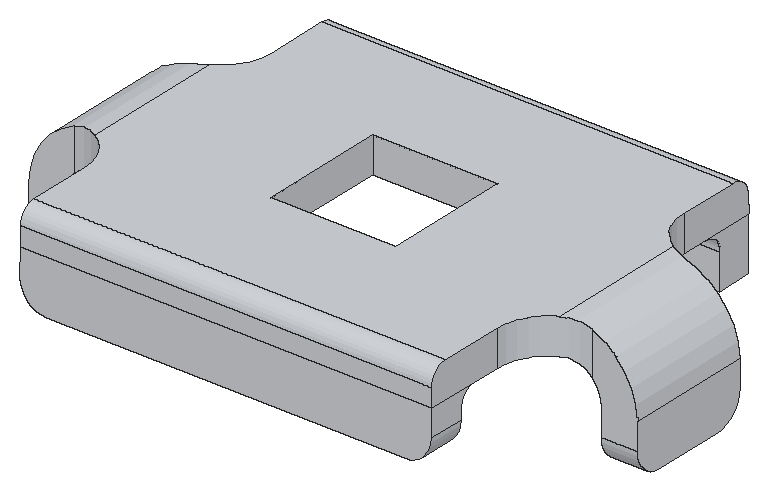
Revit family "klemmstück", category Generic Models, Revit 2017
Family settings
  Can host rebar = No
  Round Connector Dimension = Use Diameter
  Part Type = Normal
  Work Plane-Based = No
  Always vertical = Yes
  Cut with Voids When Loaded = No
  Shared = No
  Room Calculation Point = No
Parameters (values of type "GKS 34 G")
  URL = "http://www.obo-bettermann.com"
  Material = Electro-galvanised
  Manufacturer Art.No. = "6016855"
  Manufacturer = "OBO BETTERMANN"
  GTIN = "4012197261436"
  Article Type = "GKS 34 G"
Types (7, lengths in mm): name | Material | Manufacturer Art.No. | GTIN | Article Type
  (no name) | Electro-galvanised | "6016855" | "4012197261436" | "GKS 34 G"
  GKS 34 G | Electro-galvanised | "6016855" | "4012197261436" | "GKS 34 G"
  GKS 34 FS SP | Strip-galvanised | "6016857" | "4012196120314" | "GKS 34 FS SP"
  GKS 34 FT | Hot-dip galvanised | "6016820" | "4012196013395" | "GKS 34 FT"
  GKS 34 A2 | Stainless steel, A2 | "6016839" | "4012196013456" | "GKS 34 A2"
  GKS 34 A4 | Stainless steel, A4 | "6016859" | "4012196120437" | "GKS 34 A4"
  GKS 34 FTK LGR | Steel | "6479367" | "4012196332533" | "GKS 34 FTK LGR"
Reference planes
  plane 1 "Center (Front/Back)": y = 0
  plane 2: z = 0
  plane 3 "Center (Left/Right)": x = 0
  plane 4: y = 14.628
  plane 5: y = 7.5
  plane 6: y = 11
  plane 7: x = 11.5
  plane 8: x = -11.5
  plane 9: x = -3.5
  plane 10: x = 3.5
Forms (mm)
  Extrusion 1, solid
    sketch origin (0, 0, 0) x (1, 0, 0) y (0, 0, 1)
      loop
        line (-15, -7.049) -> (-15, -4.011)
        arc (-15, -4.011) -> (-14.411, -2.589) -> (-12.989, -2) r 2.011
        line (-12.989, -2) -> (12.968, -2)
        arc (12.968, -2) -> (14.405, -2.595) -> (15, -4.032) r 2.032
        line (15, -4.032) -> (15, -7.049) -> (17, -7.049) -> (17, -4.032)
        arc (17, -4.032) -> (15.819, -1.181) -> (12.968, 0) r 4.032
        line (12.968, 0) -> (-12.989, 0)
        arc (-12.989, 0) -> (-15.825, -1.175) -> (-17, -4.011) r 4.011
        line (-17, -4.011) -> (-17, -7.049) -> (-15, -7.049)
    from -22.128 to 0
  Extrusion 2, void
    sketch origin (0, 0, 0) x (1, 0, 0) y (0, 1, 0)
      loop
        line (11.5, 22.128) -> (11.5, 17.628)
        arc (11.5, 17.628) -> (12.379, 15.507) -> (14.5, 14.628) r 3
        line (14.5, 14.628) -> (17, 14.628) -> (17, 22.128) -> (11.5, 22.128)
      loop
        line (-11.5, 22.128) -> (-17, 22.128) -> (-17, 14.628) -> (-14.5, 14.628)
        arc (-14.5, 14.628) -> (-12.379, 15.507) -> (-11.5, 17.628) r 3
        line (-11.5, 17.628) -> (-11.5, 22.128)
      loop
        line (-17, 7.5) -> (-17, 0) -> (-11.5, 0) -> (-11.5, 4.5)
        arc (-11.5, 4.5) -> (-12.379, 6.621) -> (-14.5, 7.5) r 3
        line (-14.5, 7.5) -> (-17, 7.5)
      loop
        line (17, 7.5) -> (14.472, 7.5)
        arc (14.472, 7.5) -> (12.37, 6.63) -> (11.5, 4.528) r 2.972
        line (11.5, 4.528) -> (11.5, 0) -> (17, 0) -> (17, 7.5)
    from -7.049 to 0
  Extrusion 3, solid
    sketch origin (0, 0, 0) x (0, 1, 0) y (0, 0, 1)
      loop
        line (22.128, -2) -> (19.135, -2)
        arc (19.135, -2) -> (19.842, -2.293) -> (20.135, -3) r 1
        line (20.135, -3) -> (20.135, -4.993) -> (22.128, -4.993) -> (22.128, -2)
      loop
        line (0, -2) -> (0, -5.022) -> (2.012, -5.022) -> (2.012, -3)
        arc (2.012, -3) -> (2.305, -2.293) -> (3.012, -2) r 1
        line (3.012, -2) -> (0, -2)
    from -11.5 to 11.5
  Extrusion 4, void
    sketch origin (0, 0, 0) x (1, 0, 0) y (0, 1, 0)
      loop
        line (-3.5, 14.628) -> (-3.5, 7.5) -> (3.5, 7.5) -> (3.5, 14.628) -> (-3.5, 14.628)
    from -2 to 0
  Extrusion 5, void
    sketch origin (0, 0, 0) x (0, 1, 0) y (0, 0, 1)
      loop
        line (0.967, 0) -> (0, 0) -> (0, -0.967)
        arc (0, -0.967) -> (0.283, -0.283) -> (0.967, 0) r 0.967
    from -11.5 to 11.5
  Extrusion 6, void
    sketch origin (0, 0, 0) x (0, 1, 0) y (0, 0, 1)
      loop
        line (22.128, -0.953) -> (22.128, 0) -> (21.082, 0)
        arc (21.082, 0) -> (21.822, -0.307) -> (22.128, -1.047) r 1.047
    from -11.5 to 11.5
  Extrusion 7, void
    sketch origin (0, 0, 0) x (1, 0, 0) y (0, 0, 1)
      loop
        line (-11.5, -3.522) -> (-11.5, -5.022) -> (-10, -5.022)
        arc (-10, -5.022) -> (-11.061, -4.583) -> (-11.5, -3.522) r 1.5
    from -2.012 to 0
  Extrusion 8, void
    sketch origin (0, 0, 0) x (1, 0, 0) y (0, 0, 1)
      loop
        line (9.984, -5.022) -> (11.5, -5.022) -> (11.5, -3.506)
        arc (11.5, -3.506) -> (11.056, -4.578) -> (9.984, -5.022) r 1.516
    from -2.012 to 0
  Extrusion 9, void
    sketch origin (0, 0, 0) x (1, 0, 0) y (0, 0, 1)
      loop
        arc (11.5, -3.495) -> (11.059, -4.56) -> (9.994, -5.001) r 1.506
        line (9.994, -5.001) -> (11.5, -4.998) -> (11.5, -3.495)
    from -20.135 to -22.128
  Extrusion 10, void
    sketch origin (0, 0, 0) x (1, 0, 0) y (0, 0, 1)
      loop
        line (-10.144, -5.019) -> (-11.5, -5.019) -> (-11.5, -3.566)
        arc (-11.5, -3.566) -> (-11.074, -4.596) -> (-10.044, -5.022) r 1.456
    from -20.135 to -22.128
  Extrusion 11, void
    sketch origin (0, 0, 0) x (0, 1, 0) y (0, 0, 1)
      loop
        arc (9.018, -7.049) -> (7.945, -6.605) -> (7.5, -5.531) r 1.518
        line (7.5, -5.531) -> (7.5, -7.049) -> (9.018, -7.049)
    from 0 to 250
  Extrusion 12, void
    sketch origin (0, 0, 0) x (0, 1, 0) y (0, 0, 1)
      loop
        arc (14.628, -5.534) -> (14.184, -6.605) -> (13.113, -7.049) r 1.515
        line (13.113, -7.049) -> (14.628, -7.049) -> (14.628, -5.534)
    from 0 to 250
  Extrusion 13, void
    sketch origin (0, 0, 0) x (0, 1, 0) y (0, 0, 1)
      loop
        line (13.062, -7.049) -> (14.628, -7.049) -> (14.628, -5.526)
        arc (14.628, -5.526) -> (14.184, -6.598) -> (13.112, -7.042) r 1.516
    from -15 to -17
  Extrusion 14, void
    sketch origin (0, 0, 0) x (0, 1, 0) y (0, 0, 1)
      loop
        line (7.5, -5.544) -> (7.5, -7.049) -> (9.005, -7.049)
        arc (9.005, -7.049) -> (7.941, -6.608) -> (7.5, -5.544) r 1.505
    from -17 to -15
Cuts and joins
  Extrusion 2, Extrusion 4, Extrusion 5, Extrusion 6, Extrusion 11, Extrusion 12 cuts Extrusion 1
  Extrusion 7, Extrusion 8 cuts Extrusion 3
Dimensions and locks
  locked: Extrusion 1 sketch curve to Extrusion 1 sketch curve at 2  (x3)
  locked: Extrusion 1 sketch curve to Extrusion 1 sketch curve at 7.049  (x2)
  locked: Extrusion 1 sketch curve to Extrusion 1 sketch curve at 30
  locked: Extrusion 1 to Extrusion 1 at 22.128
  locked: Extrusion 1 to plane 6 at 11
  locked: Extrusion 1 to plane 5 at 7.5
  locked: Extrusion 1 to plane 4 at 7.5
  locked: plane 4 to plane 5 at 7.128
  locked: plane 7 to Extrusion 1 at 5.5
  locked: Extrusion 1 to plane 8 at 5.5
  locked: Extrusion 3 sketch curve to cut or joined group of Extrusion 1, Extrusion 2, Extrusion 4, Extrusion 5, Extrusion 6, Extrusion 11, Extrusion 12 at 3.022
  locked: cut or joined group of Extrusion 1, Extrusion 2, Extrusion 4, Extrusion 5, Extrusion 6, Extrusion 11, Extrusion 12 to Extrusion 3 sketch curve at 2.993
  locked: Extrusion 3 sketch curve to Extrusion 3 sketch curve at 2.012
  locked: Extrusion 3 sketch curve to Extrusion 3 sketch curve at 1.994
  locked: Extrusion 3 sketch curve to Extrusion 3 sketch curve at 3.012
  locked: Extrusion 3 sketch curve to Extrusion 3 sketch curve at 2.994
  locked: cut or joined group of Extrusion 1, Extrusion 2, Extrusion 4, Extrusion 5, Extrusion 6, Extrusion 11, Extrusion 12 to Extrusion 3 sketch curve at 5.506
  locked: Extrusion 3 sketch curve to cut or joined group of Extrusion 1, Extrusion 2, Extrusion 4, Extrusion 5, Extrusion 6, Extrusion 11, Extrusion 12 at 5.488
  locked: plane 9 to plane 3 "Center (Left/Right)" at 3.5
  locked: plane 3 "Center (Left/Right)" to plane 10 at 3.5
  locked: Extrusion 4 sketch curve to Extrusion 4 sketch curve at 7.128
  locked: Extrusion 4 sketch curve to Extrusion 4 sketch curve at 7
  locked: Extrusion 4 sketch curve to cut or joined group of Extrusion 1, Extrusion 2, Extrusion 4, Extrusion 5, Extrusion 6, Extrusion 11, Extrusion 12 at 7.5
  locked: Extrusion 4 sketch curve to cut or joined group of Extrusion 1, Extrusion 2, Extrusion 4, Extrusion 5, Extrusion 6, Extrusion 11, Extrusion 12 at 8
  cut or joined group of Extrusion 1, Extrusion 2, Extrusion 4, Extrusion 5, Extrusion 6, Extrusion 11, Extrusion 12 to Extrusion 3 = 2 mm
  locked: cut or joined group of Extrusion 1, Extrusion 2, Extrusion 4, Extrusion 5, Extrusion 6, Extrusion 11, Extrusion 12 to Extrusion 3 at 2
  locked: cut or joined group of Extrusion 1, Extrusion 2, Extrusion 4, Extrusion 5, Extrusion 6, Extrusion 11, Extrusion 12 to cut or joined group of Extrusion 1, Extrusion 2, Extrusion 4, Extrusion 5, Extrusion 6, Extrusion 11, Extrusion 12 at 7.5
  locked: Extrusion 6 sketch curve to Extrusion 6 sketch curve at 1.48
  locked: Extrusion 9 sketch curve to Extrusion 9 sketch curve at 2.112
  aligned and locked: level to plane 2
  aligned and locked: Extrusion 1 sketch curve to level
  aligned and locked: level to Extrusion 1
  aligned and locked: plane 1 "Center (Front/Back)" to Extrusion 1
  aligned and locked: Extrusion 2 to Extrusion 1  (x4)
  aligned and locked: Extrusion 1 to Extrusion 2  (x3)
  aligned and locked: plane 1 "Center (Front/Back)" to Extrusion 2  (x2)
  aligned and locked: plane 8 to Extrusion 2  (x2)
  aligned and locked: plane 5 to Extrusion 2  (x2)
  aligned and locked: Extrusion 2 to plane 4  (x2)
  aligned and locked: Extrusion 2 to plane 7  (x2)
  aligned and locked: level to Extrusion 2
  aligned and locked: Extrusion 3 sketch curve to Extrusion 3 sketch curve
  aligned and locked: Extrusion 3 sketch curve to cut or joined group of Extrusion 1, Extrusion 2, Extrusion 4, Extrusion 5, Extrusion 6, Extrusion 11, Extrusion 12
  aligned and locked: plane 7 to Extrusion 3
  aligned and locked: Extrusion 3 to plane 8
  aligned and locked: Extrusion 1 to Extrusion 4  (x2)
  aligned and locked: Extrusion 5 to Extrusion 2  (x2)
  aligned and locked: Extrusion 6 to Extrusion 2  (x2)
  aligned and locked: Extrusion 3 to Extrusion 7
  aligned and locked: Extrusion 7 to cut or joined group of Extrusion 1, Extrusion 2, Extrusion 4, Extrusion 5, Extrusion 6, Extrusion 11, Extrusion 12
  aligned and locked: Extrusion 8 to Extrusion 3
  aligned and locked: cut or joined group of Extrusion 1, Extrusion 2, Extrusion 4, Extrusion 5, Extrusion 6, Extrusion 11, Extrusion 12 to Extrusion 8
  aligned and locked: cut or joined group of Extrusion 3, Extrusion 7, Extrusion 8 to Extrusion 9
  aligned and locked: Extrusion 9 to cut or joined group of Extrusion 1, Extrusion 2, Extrusion 4, Extrusion 5, Extrusion 6, Extrusion 11, Extrusion 12  (x2)
  aligned and locked: cut or joined group of Extrusion 3, Extrusion 7, Extrusion 8 to Extrusion 10
  aligned and locked: Extrusion 10 to cut or joined group of Extrusion 1, Extrusion 2, Extrusion 4, Extrusion 5, Extrusion 6, Extrusion 11, Extrusion 12
  aligned and locked: Extrusion 11 sketch curve to plane 5
  aligned and locked: Extrusion 12 sketch curve to cut or joined group of Extrusion 1, Extrusion 2, Extrusion 4, Extrusion 5, Extrusion 6, Extrusion 11, Extrusion 12
  aligned and locked: Extrusion 12 sketch curve to plane 4
  aligned and locked: Extrusion 13 sketch curve to cut or joined group of Extrusion 1, Extrusion 2, Extrusion 4, Extrusion 5, Extrusion 6, Extrusion 11, Extrusion 12
  aligned and locked: Extrusion 13 sketch curve to plane 4
  aligned and locked: Extrusion 13 to cut or joined group of Extrusion 1, Extrusion 2, Extrusion 4, Extrusion 5, Extrusion 6, Extrusion 11, Extrusion 12
  aligned and locked: cut or joined group of Extrusion 1, Extrusion 2, Extrusion 4, Extrusion 5, Extrusion 6, Extrusion 11, Extrusion 12 to Extrusion 13
  aligned and locked: Extrusion 14 sketch curve to cut or joined group of Extrusion 1, Extrusion 2, Extrusion 4, Extrusion 5, Extrusion 6, Extrusion 11, Extrusion 12
  aligned and locked: Extrusion 14 sketch curve to plane 5
  aligned and locked: cut or joined group of Extrusion 1, Extrusion 2, Extrusion 4, Extrusion 5, Extrusion 6, Extrusion 11, Extrusion 12 to Extrusion 14
  aligned and locked: Extrusion 14 to cut or joined group of Extrusion 1, Extrusion 2, Extrusion 4, Extrusion 5, Extrusion 6, Extrusion 11, Extrusion 12
Automatic sketch dimensions
  Extrusion 1 sketch curve to Extrusion 1 sketch curve = 0 mm  (x4)
  Extrusion 1 sketch curve to Extrusion 1 sketch curve = 2.011 mm
  plane 3 "Center (Left/Right)" to Extrusion 1 sketch curve = 12.968 mm
  Extrusion 1 sketch curve to Extrusion 1 sketch curve = 2.032 mm
  Extrusion 2 sketch curve to plane 5 = 0 mm  (x2)
  plane 1 "Center (Front/Back)" to Extrusion 2 sketch curve = 0 mm  (x2)
  Extrusion 2 sketch curve to plane 4 = 0 mm  (x2)
  Extrusion 2 sketch curve to plane 8 = 0 mm  (x2)
  Extrusion 2 sketch curve to plane 7 = 0 mm  (x2)
  Extrusion 2 sketch curve to plane 8 = 3 mm  (x2)
  Extrusion 2 sketch curve to Extrusion 2 sketch curve = 2.5 mm  (x3)
  Extrusion 2 sketch curve to Extrusion 2 sketch curve = 2.972 mm
  plane 7 to Extrusion 2 sketch curve = 3 mm
  Extrusion 2 sketch curve to Extrusion 2 sketch curve = 2.528 mm
  Extrusion 2 sketch curve to Extrusion 2 sketch curve = 4.5 mm  (x2)
  Extrusion 5 sketch curve to plane 1 "Center (Front/Back)" = 0 mm
  Extrusion 5 sketch curve to level = 0 mm
  Extrusion 5 sketch curve to Extrusion 5 sketch curve = 0.967 mm
  Extrusion 6 sketch curve to level = 0 mm
  plane 4 to Extrusion 6 sketch curve = 6.453 mm
  Extrusion 6 sketch curve to Extrusion 6 sketch curve = 0 mm
  Extrusion 6 sketch curve to Extrusion 6 sketch curve = 0.093 mm
  Extrusion 7 sketch curve to plane 8 = 0 mm
  plane 8 to Extrusion 7 sketch curve = 1.5 mm
  Extrusion 7 sketch curve to level = 3.522 mm
  Extrusion 8 sketch curve to plane 7 = 0 mm
  Extrusion 8 sketch curve to Extrusion 8 sketch curve = 1.516 mm
  Extrusion 8 sketch curve to level = 3.506 mm
  plane 7 to Extrusion 9 sketch curve = 0 mm
  Extrusion 9 sketch curve to level = 4.998 mm
  Extrusion 9 sketch curve to Extrusion 9 sketch curve = 1.503 mm
  Extrusion 9 sketch curve to Extrusion 9 sketch curve = 0.023 mm
  Extrusion 10 sketch curve to plane 8 = 0 mm
  plane 8 to Extrusion 10 sketch curve = 0 mm
  Extrusion 10 sketch curve to Extrusion 10 sketch curve = 1.456 mm
  Extrusion 10 sketch curve to level = 5.019 mm
  Extrusion 10 sketch curve to Extrusion 10 sketch curve = 1.452 mm
  Extrusion 10 sketch curve to Extrusion 10 sketch curve = 0.022 mm
  plane 5 to Extrusion 11 sketch curve = 1.518 mm
  Extrusion 11 sketch curve to level = 7.049 mm
  Extrusion 12 sketch curve to Extrusion 12 sketch curve = 1.515 mm
  Extrusion 13 sketch curve to Extrusion 13 sketch curve = 1.516 mm
  Extrusion 13 sketch curve to Extrusion 13 sketch curve = 1.523 mm
  Extrusion 13 sketch curve to plane 4 = 1.516 mm
  Extrusion 13 sketch curve to Extrusion 13 sketch curve = 0.05 mm
  plane 5 to Extrusion 14 sketch curve = 1.505 mm
